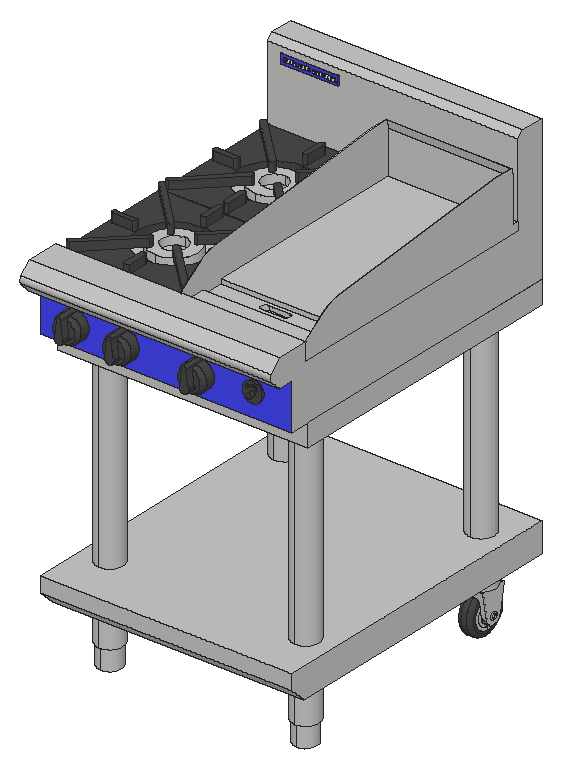
Revit family "QF_MOFFAT_BLUESEAL_CE_G514C-LS", category Specialty Equipment, Revit 2012
Parameters
  Weight in Pounds = 176  # constant formula
  URL Cutsheet = "www.moffat.com"
  URL = "www.moffat.com"
  Type Mark [instance] = ""
  Status [instance] = ""
  Specification by User [instance] = ""
  Specification by Manufacturer = ""
  Show Logo [instance] = yes
  Show Casters [instance] = yes
  Serial Number = ""
  Seismic Rating = ""
  SMACNA No = ""
  Revision Code [instance] = ""
  Omniclass Number and Title = ""
  NAFEM Spec ID Number = ""
  Model = "G514C-LS"
  Mechanical Remarks = ""
  Mechanical Connection Type = ""
  Masterspec = ""
  Manufacturer = "MOFFAT BLUESEAL"
  Legs [instance] = not(Show Casters)  # no
  Item Number [instance] = ""
  Installed By [instance] = ""
  Identify Quantity as Lot [instance] = yes
  Gas Size = 3/4"
  Gas RI Height = 0 mm
  Gas KW = 20
  Gas Input = 68600.0 Btu/h
  Gas Connection Height = 0 mm
  Furnished By [instance] = ""
  Foodservice Equipment Identifier [instance] = yes
  Description = "600MM GAS GRIDDLE PLATE ON LEG STAND"
  CSI MasterFormat = ""
  CSI Master Format = ""
  Base Height [instance] = 150 mm
Reference planes
  plane 1 "BACK": y = 0
  plane 2: z = 0
  plane 3 "LEFT": x = 0
  plane 4 "RIGHT": x = 600
  plane 5 "FRONT": y = -812
  plane 6 "TOP": z = 970
  plane 7 "Center Y": x = 300
  plane 8 "Center X": y = -406
  plane 9 "Base Height": z = 150
  plane 10: z = 915
  plane 11: y = -31
  plane 12: x = 470
  plane 13: z = 1085
  plane 14: y = -625
  plane 15: y = -100
  plane 16: z = 655
Forms (mm)
  Extrusion 1, solid, material "QF_Finishes_Stainless Steel"
    sketch origin (0, 0, 0) x (0, 1, 0) y (0, 0, 1)
      loop
        line (-749, 850) -> (-749, 740) -> (0, 740) -> (0, 1085) -> (-57.5, 1085) -> (-70, 1072.5) -> (-70, 875) -> (-705, 875) -> (-705, 915) -> (-783.97, 915) -> (-808.485, 890.485)
        arc (-808.485, 890.485) -> (-811.999, 882) -> (-808.485, 873.515) r 12
        line (-808.485, 873.515) -> (-784.97, 850) -> (-749, 850)
      loop
        line (0, 685) -> (0, 739.5) -> (-699, 739.5) -> (-699, 685) -> (0, 685)
      loop
        line (0, 222.5) -> (-749, 222.5) -> (-749, 186) -> (-713, 150) -> (0, 150) -> (0, 222.5)
    from 0 to 600
  Revolve 2, solid, material "QF_Finishes_Black"
    sketch origin (90, 7, 600) x (0, 1, 0) y (0, 0, -1)
      loop
        line (-789, -229.5) -> (-766, -229.5) -> (-766, -202) -> (-756, -202) -> (-756, -197) -> (-800, -197) -> (-800, -223.651) -> (-789, -229.5)
      axis (-800, -197) -> (-756, -197)
    angle from 0 to 360
  Extrusion 3, solid, material "QF_Finishes_Black"
    sketch origin (90, -759, 797) x (0, 0, 1) y (1, 0, 0)
      loop
        arc (32.192, -4.965) -> (37.079, 0.034) -> (32.192, 5.033) r 5
        line (32.192, 5.033) -> (-10.726, 10.453)
        arc (-10.726, 10.453) -> (-22.392, 0.618) -> (-11.893, -10.454) r 10.487
        line (-11.893, -10.454) -> (32.192, -4.965)
    from 0 to -49
  Extrusion 4, solid, material "QF_Finishes_Stainless Steel"
    sketch origin (0, 0, 222.5) x (0, -1, 0) y (1, 0, 0)
      loop
        circle (100, 65) r 31.75
      loop
        circle (625, 65) r 31.75
      loop
        circle (100, 535) r 31.75
      loop
        circle (625, 535) r 31.75
    from 0 to 462.5
  Revolve 5, solid, material "QF_Finishes_Stainless Steel", visible <- "Legs"
    sketch origin (65.5, -166, 0) x (0, 1, 0) y (0, 0, 1)
      loop
        line (34.25, 150) -> (34.25, 50) -> (38.5, 50) -> (38.5, 0) -> (66, 0) -> (66, 150) -> (34.25, 150)
      axis (66, 150) -> (66, 0)
    angle from 0 to 360
  Revolve 6, solid, material "QF_Finishes_Stainless Steel"
    sketch origin (65.5, -735, 0) x (0, 1, 0) y (0, 0, 1)
      loop
        line (78.25, 150) -> (78.25, 50) -> (82.5, 50) -> (82.5, 0) -> (110, 0) -> (110, 150) -> (78.25, 150)
      axis (110, 150) -> (110, 0)
    angle from 0 to 360
  Revolve 7, solid, material "QF_Finishes_Stainless Steel", visible <- "Legs"
    sketch origin (534.5, -166, 0) x (0, 1, 0) y (0, 0, -1)
      loop
        line (34.25, -150) -> (66, -150) -> (66, 0) -> (38.5, 0) -> (38.5, -50) -> (34.25, -50) -> (34.25, -150)
      axis (66, -150) -> (66, 0)
    angle from 0 to 360
  Revolve 8, solid, material "QF_Finishes_Stainless Steel"
    sketch origin (534.5, -728, 0) x (0, 1, 0) y (0, 0, -1)
      loop
        line (71.25, -150) -> (103, -150) -> (103, 0) -> (75.5, 0) -> (75.5, -50) -> (71.25, -50) -> (71.25, -150)
      axis (103, -150) -> (103, 0)
    angle from 0 to 360
  Revolve 9, solid, material "QF_Finishes_Black"
    sketch origin (390, 7, 600) x (0, 1, 0) y (0, 0, -1)
      loop
        line (-789, -229.5) -> (-766, -229.5) -> (-766, -202) -> (-756, -202) -> (-756, -197) -> (-800, -197) -> (-800, -223.651) -> (-789, -229.5)
      axis (-800, -197) -> (-756, -197)
    angle from 0 to 360
  Extrusion 10, solid, material "QF_Finishes_Black"
    sketch origin (390, -759, 797) x (0, 0, 1) y (1, 0, 0)
      loop
        arc (32.192, -4.965) -> (37.079, 0.034) -> (32.192, 5.033) r 5
        line (32.192, 5.033) -> (-10.726, 10.453)
        arc (-10.726, 10.453) -> (-22.392, 0.618) -> (-11.893, -10.454) r 10.487
        line (-11.893, -10.454) -> (32.192, -4.965)
    from 0 to -49
  Extrusion 11, solid, material "QF_Finishes_Black"
    sketch origin (0, -749, 850) x (0, 0, -1) y (1, 0, 0)
      loop
        circle (53, 510) r 23.9
      loop
        arc (41.701, 524.079) -> (35.116, 509.341) -> (42.919, 495.209) r 18.095
        arc (42.919, 495.209) -> (47.641, 496.491) -> (46.326, 501.204) r 3.448
        arc (46.326, 501.204) -> (42.758, 509.683) -> (45.641, 518.419) r 13.109
        arc (45.641, 518.419) -> (46.501, 523.219) -> (41.701, 524.079) r 3.448
    from 0 to 5
  Revolve 12, solid, material "QF_Finishes_Stainless Steel", visible <- "Show Casters"
    sketch origin (16.276, -100.755, -13.653) x (1, 0, 0) y (0, 0, 1)
      loop
        line (14.841, 63.604) -> (83.584, 63.604) -> (83.584, 67.109) -> (82.314, 68.379) -> (80.79, 68.379) -> (80.79, 71.826) -> (68.644, 71.826) -> (68.644, 81.79) -> (65.088, 83.843) -> (63.738, 92.179) -> (65.881, 92.179) -> (65.881, 98.529) -> (65.088, 98.529) -> (65.088, 104.879)
        arc (65.088, 104.879) -> (62.298, 111.614) -> (55.563, 114.404) r 9.525
        line (55.563, 114.404) -> (42.863, 114.404)
        arc (42.863, 114.404) -> (36.127, 111.614) -> (33.338, 104.879) r 9.525
        line (33.338, 104.879) -> (33.338, 98.529) -> (32.544, 98.529) -> (32.544, 92.179) -> (34.687, 92.179) -> (33.352, 83.932) -> (29.782, 81.871) -> (29.782, 71.826) -> (17.635, 71.826) -> (17.635, 68.379) -> (16.111, 68.379) -> (14.841, 67.109) -> (14.841, 63.604)
      axis (14.841, 63.604) -> (83.584, 63.604)
    angle from 0 to 360
  Extrusion 13, solid, material "QF_Finishes_Stainless Steel", visible <- "Show Casters"
    sketch origin (72.001, 132.353, -8.783) x (0, 1, 0) y (0, 0, 1)
      loop
        line (-200.603, 118.783) -> (-264.103, 118.783) -> (-251.746, 53.895)
        arc (-251.746, 53.895) -> (-232.353, 38.783) -> (-212.959, 53.895) r 20
        line (-212.959, 53.895) -> (-200.603, 118.783)
    from -35.667 to 22.923
  Revolve 14, solid, material "QF_Finishes_Stainless Steel", visible <- "Show Casters"
    sketch origin (65.5, -204, 0) x (0, 1, 0) y (0, 0, 1)
      loop
        line (68.25, 150) -> (68.25, 110) -> (104, 110) -> (104, 150) -> (68.25, 150)
      axis (104, 150) -> (104, 110)
    angle from 0 to 360
  Revolve 15, solid, material "QF_Finishes_Stainless Steel", visible <- "Legs"
    sketch origin (65.5, -166, 0) x (0, 1, 0) y (0, 0, 1)
      loop
        line (34.25, 150) -> (34.25, 50) -> (38.5, 50) -> (38.5, 0) -> (66, 0) -> (66, 150) -> (34.25, 150)
      axis (66, 150) -> (66, 0)
    angle from 0 to 360
  Revolve 16, solid, material "QF_Finishes_Stainless Steel", visible <- "Show Casters"
    sketch origin (485.276, -100.755, -13.653) x (1, 0, 0) y (0, 0, 1)
      loop
        line (14.841, 63.604) -> (83.584, 63.604) -> (83.584, 67.109) -> (82.314, 68.379) -> (80.79, 68.379) -> (80.79, 71.826) -> (68.644, 71.826) -> (68.644, 81.79) -> (65.088, 83.843) -> (63.738, 92.179) -> (65.881, 92.179) -> (65.881, 98.529) -> (65.088, 98.529) -> (65.088, 104.879)
        arc (65.088, 104.879) -> (62.298, 111.614) -> (55.563, 114.404) r 9.525
        line (55.563, 114.404) -> (42.863, 114.404)
        arc (42.863, 114.404) -> (36.127, 111.614) -> (33.338, 104.879) r 9.525
        line (33.338, 104.879) -> (33.338, 98.529) -> (32.544, 98.529) -> (32.544, 92.179) -> (34.687, 92.179) -> (33.352, 83.932) -> (29.782, 81.871) -> (29.782, 71.826) -> (17.635, 71.826) -> (17.635, 68.379) -> (16.111, 68.379) -> (14.841, 67.109) -> (14.841, 63.604)
      axis (14.841, 63.604) -> (83.584, 63.604)
    angle from 0 to 360
  Extrusion 17, solid, material "QF_Finishes_Stainless Steel", visible <- "Show Casters"
    sketch origin (541.001, 132.353, -8.783) x (0, 1, 0) y (0, 0, 1)
      loop
        line (-200.603, 118.783) -> (-264.103, 118.783) -> (-251.746, 53.895)
        arc (-251.746, 53.895) -> (-232.353, 38.783) -> (-212.959, 53.895) r 20
        line (-212.959, 53.895) -> (-200.603, 118.783)
    from -35.667 to 22.923
  Revolve 18, solid, material "QF_Finishes_Stainless Steel", visible <- "Show Casters"
    sketch origin (534.5, -204, 0) x (0, 1, 0) y (0, 0, 1)
      loop
        line (68.25, 150) -> (68.25, 110) -> (104, 110) -> (104, 150) -> (68.25, 150)
      axis (104, 150) -> (104, 110)
    angle from 0 to 360
  Extrusion 19, solid, material "QF_Finishes_Black"
    sketch origin (0, -754, 850) x (0, 0, -1) y (1, 0, 0)
      loop
        circle (56.5, 510) r 5.75
    from 0 to 10
  Revolve 20, solid, material "QF_Finishes_Black"
    sketch origin (210, 7, 599.5) x (0, 1, 0) y (0, 0, -1)
      loop
        line (-789, -229.5) -> (-766, -229.5) -> (-766, -202) -> (-756, -202) -> (-756, -197) -> (-800, -197) -> (-800, -223.651) -> (-789, -229.5)
      axis (-800, -197) -> (-756, -197)
    angle from 0 to 360
  Extrusion 21, solid, material "QF_Finishes_Black"
    sketch origin (210, -759, 796.5) x (0, 0, 1) y (1, 0, 0)
      loop
        arc (32.192, -4.965) -> (37.079, 0.034) -> (32.192, 5.033) r 5
        line (32.192, 5.033) -> (-10.726, 10.453)
        arc (-10.726, 10.453) -> (-22.392, 0.618) -> (-11.893, -10.454) r 10.487
        line (-11.893, -10.454) -> (32.192, -4.965)
    from 0 to -49
  Extrusion 22, solid, material "QF_Finishes_Stainless Steel"
    sketch origin (0, 0, 685) x (-1, 0, 0) y (0, 1, 0)
      loop
        circle (-470, -32) r 6.35
    from 0 to 30
Lines and regions (mm)
  Split face 1
    outline origin (0, -56.5, 1085) x (0, 1, 0) y (-1, 0, 0)
      loop
        arc (11.115, -264.794) -> (16.115, -273.455) -> (26.115, -273.455) r 10
        line (26.115, -273.455) -> (33.115, -269.413)
        arc (33.115, -269.413) -> (36.775, -265.753) -> (38.115, -260.753) r 10
        line (38.115, -260.753) -> (38.115, -32.794)
        arc (38.115, -32.794) -> (33.115, -24.134) -> (23.115, -24.134) r 10
        line (23.115, -24.134) -> (16.115, -28.176)
        arc (16.115, -28.176) -> (12.455, -31.836) -> (11.115, -36.836) r 10
        line (11.115, -36.836) -> (11.115, -264.794)
  Split face 2
    outline origin (0, -56.5, 1085) x (0, 1, 0) y (-1, 0, 0)
      loop
        arc (11.115, -564.794) -> (16.115, -573.455) -> (26.115, -573.455) r 10
        line (26.115, -573.455) -> (33.115, -569.413)
        arc (33.115, -569.413) -> (36.775, -565.753) -> (38.115, -560.753) r 10
        line (38.115, -560.753) -> (38.115, -332.794)
        arc (38.115, -332.794) -> (33.115, -324.134) -> (23.115, -324.134) r 10
        line (23.115, -324.134) -> (16.115, -328.176)
        arc (16.115, -328.176) -> (12.455, -331.836) -> (11.115, -336.836) r 10
        line (11.115, -336.836) -> (11.115, -564.794)
  symbolic lines, style "SpecialityEquipmentHiddenLines", visible <- "Show Casters"
    curve 1: line (78.456, -46.735, 0) -> (105.952, -62.61, 0)
    curve 2: line (27.656, -134.723, 0) -> (78.456, -46.735, 0)
    curve 3: line (55.152, -150.598, 0) -> (27.656, -134.723, 0)
    curve 4: line (105.952, -62.61, 0) -> (55.152, -150.598, 0)
    curve 5: line (548.456, -46.735, 0) -> (575.952, -62.61, 0)
    curve 6: line (497.656, -134.723, 0) -> (548.456, -46.735, 0)
    curve 7: line (525.152, -150.598, 0) -> (497.656, -134.723, 0)
    curve 8: line (575.952, -62.61, 0) -> (525.152, -150.598, 0)
  symbolic lines
    curve 9: line (260.753, -18.385, 0) -> (32.794, -18.385, 0)
    curve 10: arc (32.794, -18.385, 0) -> (24.134, -23.385, 0) -> (24.134, -33.385, 0) r 10
    curve 11: line (24.134, -33.385, 0) -> (28.176, -40.385, 0)
    curve 12: arc (28.176, -40.385, 0) -> (31.836, -44.045, 0) -> (36.836, -45.385, 0) r 10
    curve 13: line (36.836, -45.385, 0) -> (264.794, -45.385, 0)
    curve 14: arc (264.794, -45.385, 0) -> (273.455, -40.385, 0) -> (273.455, -30.385, 0) r 10
    curve 15: line (273.455, -30.385, 0) -> (269.413, -23.385, 0)
    curve 16: arc (269.413, -23.385, 0) -> (265.753, -19.725, 0) -> (260.753, -18.385, 0) r 10
    curve 17: line (332.794, -18.385, 0) -> (560.753, -18.385, 0)
    curve 18: arc (560.753, -18.385, 0) -> (565.753, -19.725, 0) -> (569.413, -23.385, 0) r 10
    curve 19: line (569.413, -23.385, 0) -> (573.455, -30.385, 0)
    curve 20: arc (573.455, -30.385, 0) -> (573.455, -40.385, 0) -> (564.794, -45.385, 0) r 10
    curve 21: line (564.794, -45.385, 0) -> (336.836, -45.385, 0)
    curve 22: arc (336.836, -45.385, 0) -> (331.836, -44.045, 0) -> (328.176, -40.385, 0) r 10
    curve 23: line (328.176, -40.385, 0) -> (324.134, -33.385, 0)
    curve 24: arc (324.134, -33.385, 0) -> (324.134, -23.385, 0) -> (332.794, -18.385, 0) r 10
    curve 25: line (0, -783.97, 0) -> (600, -783.97, 0)
    curve 26: line (0, 0, 0) -> (0, -811.999, 0)
    curve 27: line (600, -811.999, 0) -> (600, 0, 0)
    curve 28: line (600, -811.999, 0) -> (0, -811.999, 0)
    curve 29: line (0, -70, 0) -> (600, -70, 0)
    curve 30: line (0, -57.5, 0) -> (600, -57.5, 0)
    curve 31: line (600, 0, 0) -> (0, 0, 0)
Dimensions and locks
  equal spacing: plane 3 "LEFT", plane 7 "Center Y", plane 4 "RIGHT"
  plane 3 "LEFT" to plane 4 "RIGHT" = 600 mm
  equal spacing: plane 5 "FRONT", plane 8 "Center X", plane 1 "BACK"
  plane 5 "FRONT" to plane 1 "BACK" = 812 mm  (x2)
  equal spacing: plane 4 "RIGHT", plane 7 "Center Y", plane 3 "LEFT"
  plane 4 "RIGHT" to plane 3 "LEFT" = 600 mm
  "Base Height": plane 9 "Base Height" to level
  plane 6 "TOP" to level = 970 mm
  plane 10 to level = 915 mm
  plane 11 to plane 1 "BACK" = 31 mm
  plane 12 to plane 4 "RIGHT" = 130 mm
  plane 13 to plane 2 = 1085 mm
  Revolve 12 sketch curve to Revolve 12 sketch curve = 50.8 mm
  Revolve 16 sketch curve to Revolve 16 sketch curve = 50.8 mm
  plane 16 to plane 2 = 655 mm
  Extrusion 22 sketch curve to plane 1 "BACK" = 32 mm
  aligned and locked: level to plane 2
Automatic sketch dimensions
  plane 1 "BACK" to curve 31 = 0 mm
  curve 31 to plane 3 "LEFT" = 0 mm
  curve 27 to plane 4 "RIGHT" = 0 mm
  plane 3 "LEFT" to curve 3 = 27.656 mm
  curve 10 to plane 11 = 2.385 mm
  plane 3 "LEFT" to curve 10 = 24.134 mm
  curve 11 to curve 12 = 4.041 mm
  curve 10 to curve 9 = 8.66 mm
  curve 12 to plane 11 = 4.385 mm
  curve 10 to curve 12 = 4.041 mm
  curve 2 to curve 3 = 27.496 mm
  curve 2 to plane 11 = 15.735 mm
  curve 12 to curve 2 = 41.62 mm
  plane 11 to curve 9 = 12.615 mm
  curve 9 to plane 7 "Center Y" = 39.247 mm
  curve 14 to plane 11 = 4.385 mm
  curve 16 to curve 14 = 4.041 mm
  plane 11 to curve 15 = 7.615 mm
  curve 16 to curve 15 = 8.66 mm
  plane 11 to curve 14 = 0.615 mm
  curve 15 to curve 14 = 4.041 mm
  curve 24 to plane 11 = 2.385 mm
  plane 7 "Center Y" to curve 24 = 24.134 mm
  curve 23 to plane 11 = 9.385 mm
  curve 23 to curve 23 = 4.041 mm
  plane 11 to curve 17 = 12.615 mm
  curve 24 to curve 17 = 8.66 mm
  curve 23 to curve 22 = 8.66 mm
  plane 12 to curve 7 = 27.656 mm
  curve 6 to curve 8 = 27.496 mm
  curve 6 to plane 11 = 15.735 mm
  plane 4 "RIGHT" to curve 6 = 51.544 mm
  curve 5 to curve 18 = 12.297 mm
  curve 5 to curve 21 = 16.339 mm
  plane 11 to curve 19 = 7.615 mm
  curve 17 to curve 19 = 8.66 mm
  plane 11 to curve 20 = 0.615 mm
  curve 18 to curve 20 = 4.041 mm
  curve 30 to plane 11 = 26.5 mm
  curve 4 to curve 1 = 15.875 mm
  curve 5 to curve 30 = 5.11 mm
  curve 29 to curve 30 = 12.5 mm
  curve 25 to plane 5 "FRONT" = 28.03 mm
  curve 28 to plane 5 "FRONT" = 0.001 mm
  curve 22 to curve 23 = 5 mm
  plane 10 to Extrusion 1 sketch curve = 0 mm
  Extrusion 1 sketch curve to plane 9 "Base Height" = 0 mm
  plane 13 to Extrusion 1 sketch curve = 0 mm
  Extrusion 1 sketch curve to plane 1 "BACK" = 0 mm  (x3)
  Extrusion 1 sketch curve to plane 11 = 26.5 mm
  plane 13 to Extrusion 1 sketch curve = 12.5 mm
  Extrusion 1 sketch curve to Extrusion 1 sketch curve = 12.5 mm
  plane 14 to Extrusion 1 sketch curve = 74 mm
  plane 14 to Extrusion 1 sketch curve = 80 mm
  plane 14 to Extrusion 1 sketch curve = 88 mm
  Extrusion 1 sketch curve to Extrusion 1 sketch curve = 44 mm
  Extrusion 1 sketch curve to Extrusion 1 sketch curve = 36 mm
  Extrusion 1 sketch curve to plane 5 "FRONT" = 28.03 mm
  Extrusion 1 sketch curve to plane 5 "FRONT" = 27.03 mm
  Extrusion 1 sketch curve to plane 5 "FRONT" = 12.001 mm
  Extrusion 1 sketch curve to plane 5 "FRONT" = 3.515 mm  (x2)
  plane 9 "Base Height" to Extrusion 1 sketch curve = 36 mm
  plane 9 "Base Height" to Extrusion 1 sketch curve = 72.5 mm
  Extrusion 1 sketch curve to Extrusion 1 sketch curve = 0.5 mm
  plane 10 to Extrusion 1 sketch curve = 65 mm
  Extrusion 1 sketch curve to Extrusion 1 sketch curve = 23.515 mm
  plane 10 to Extrusion 1 sketch curve = 40 mm
  Extrusion 1 sketch curve to Extrusion 1 sketch curve = 8.485 mm
  Revolve 2 sketch curve to plane 5 "FRONT" = 19 mm
  Revolve 2 sketch curve to Revolve 2 sketch curve = 0 mm  (x2)
  Revolve 2 sketch curve to Revolve 2 sketch curve = 11 mm
  Revolve 2 sketch curve to Revolve 2 sketch curve = 12.7 mm
  Revolve 2 sketch curve to Revolve 2 sketch curve = 23 mm
  Revolve 2 sketch curve to Revolve 2 sketch curve = 10 mm
  plane 10 to Revolve 2 sketch curve = 85.5 mm
  Revolve 2 sketch curve to Revolve 2 sketch curve = 5.849 mm
  Revolve 2 sketch curve to Revolve 2 sketch curve = 27.5 mm
  Revolve 2 sketch curve to Revolve 2 sketch curve = 5 mm
  Extrusion 3 sketch curve to Revolve 2 = 0.034 mm  (x2)
  Revolve 2 to Extrusion 3 sketch curve = 10.454 mm
  Extrusion 3 sketch curve to Extrusion 3 sketch curve = 0.028 mm
  Extrusion 3 sketch curve to Revolve 2 = 10.453 mm
  Extrusion 3 sketch curve to Extrusion 3 sketch curve = 44 mm
  Extrusion 3 sketch curve to Revolve 2 = 5.033 mm
  Extrusion 3 sketch curve to Extrusion 3 sketch curve = 0.113 mm
  Revolve 2 to Extrusion 3 sketch curve = 4.965 mm
  Extrusion 4 sketch curve to Extrusion 4 sketch curve = 0 mm  (x8)
  Extrusion 1 to Extrusion 4 sketch curve = 68.25 mm  (x2)
  Extrusion 4 sketch curve to Extrusion 4 sketch curve = 31.75 mm  (x4)
  Extrusion 4 sketch curve to Extrusion 1 = 155.75 mm  (x2)
  Extrusion 1 to Extrusion 4 sketch curve = 65 mm  (x4)
  Revolve 5 sketch curve to plane 9 "Base Height" = 0 mm
  Revolve 5 sketch curve to level = 0 mm
  Revolve 5 sketch curve to plane 15 = 0 mm  (x2)
  Revolve 5 sketch curve to Revolve 5 sketch curve = 27.5 mm
  Revolve 5 sketch curve to Revolve 5 sketch curve = 31.75 mm
  Revolve 5 sketch curve to Revolve 5 sketch curve = 55 mm
  level to Revolve 5 sketch curve = 50 mm
  Revolve 5 sketch curve to Revolve 5 sketch curve = 0 mm
  Revolve 6 sketch curve to plane 9 "Base Height" = 0 mm
  Revolve 6 sketch curve to level = 0 mm
  Revolve 6 sketch curve to plane 14 = 0 mm  (x2)
  Revolve 6 sketch curve to Revolve 6 sketch curve = 27.5 mm
  Revolve 6 sketch curve to Revolve 6 sketch curve = 31.75 mm
  Revolve 6 sketch curve to Revolve 6 sketch curve = 55 mm
  level to Revolve 6 sketch curve = 50 mm
  Revolve 6 sketch curve to Revolve 6 sketch curve = 0 mm
  Revolve 7 sketch curve to plane 9 "Base Height" = 0 mm
  Revolve 7 sketch curve to level = 0 mm
  Revolve 7 sketch curve to plane 15 = 0 mm  (x2)
  plane 15 to Revolve 7 sketch curve = 27.5 mm
  plane 15 to Revolve 7 sketch curve = 31.75 mm
  level to Revolve 7 sketch curve = 50 mm
  Revolve 7 sketch curve to Revolve 7 sketch curve = 0 mm
  Revolve 7 sketch curve to Revolve 7 sketch curve = 55 mm
  Revolve 8 sketch curve to plane 9 "Base Height" = 0 mm
  Revolve 8 sketch curve to level = 0 mm
  Revolve 8 sketch curve to plane 14 = 0 mm  (x2)
  plane 14 to Revolve 8 sketch curve = 27.5 mm
  plane 14 to Revolve 8 sketch curve = 31.75 mm
  level to Revolve 8 sketch curve = 50 mm
  Revolve 8 sketch curve to Revolve 8 sketch curve = 0 mm
  Revolve 8 sketch curve to Revolve 8 sketch curve = 55 mm
  Revolve 9 sketch curve to plane 5 "FRONT" = 19 mm
  Revolve 9 sketch curve to Revolve 9 sketch curve = 0 mm  (x2)
  Revolve 9 sketch curve to Revolve 9 sketch curve = 11 mm
  Revolve 9 sketch curve to Revolve 9 sketch curve = 12.7 mm
  Revolve 9 sketch curve to Revolve 9 sketch curve = 23 mm
  Revolve 9 sketch curve to Revolve 9 sketch curve = 10 mm
  plane 10 to Revolve 9 sketch curve = 85.5 mm
  Revolve 9 sketch curve to Revolve 9 sketch curve = 5.849 mm
  Revolve 9 sketch curve to Revolve 9 sketch curve = 27.5 mm
  Revolve 9 sketch curve to Revolve 9 sketch curve = 5 mm
  Extrusion 10 sketch curve to Revolve 9 = 0.034 mm  (x2)
  Revolve 9 to Extrusion 10 sketch curve = 10.454 mm
  Extrusion 10 sketch curve to Extrusion 10 sketch curve = 0.028 mm
  Extrusion 10 sketch curve to Revolve 9 = 10.453 mm
  Extrusion 10 sketch curve to Extrusion 10 sketch curve = 44 mm
  Extrusion 10 sketch curve to Revolve 9 = 5.033 mm
  Extrusion 10 sketch curve to Extrusion 10 sketch curve = 0.113 mm
  Revolve 9 to Extrusion 10 sketch curve = 4.965 mm
  Extrusion 11 sketch curve to Extrusion 1 = 41.701 mm
  Extrusion 11 sketch curve to Extrusion 11 sketch curve = 1.218 mm
  Extrusion 11 sketch curve to Extrusion 11 sketch curve = 1.97 mm  (x2)
  Extrusion 11 sketch curve to Extrusion 11 sketch curve = 1.724 mm
  Extrusion 11 sketch curve to Extrusion 11 sketch curve = 1.683 mm
  Extrusion 11 sketch curve to Extrusion 11 sketch curve = 6.674 mm
  Extrusion 11 sketch curve to Extrusion 11 sketch curve = 0.195 mm
  Extrusion 11 sketch curve to Extrusion 11 sketch curve = 2.662 mm
  Extrusion 1 to Extrusion 11 sketch curve = 104.791 mm
  Extrusion 11 sketch curve to Extrusion 11 sketch curve = 2.986 mm
  Extrusion 11 sketch curve to Extrusion 11 sketch curve = 8.796 mm
  Extrusion 11 sketch curve to Extrusion 11 sketch curve = 0.103 mm
  Extrusion 11 sketch curve to Extrusion 11 sketch curve = 0.102 mm
  plane 3 "LEFT" to Revolve 12 sketch curve = 31.118 mm
  Revolve 12 sketch curve to Revolve 12 sketch curve = 1.27 mm  (x4)
  Revolve 12 sketch curve to Revolve 12 sketch curve = 1.524 mm  (x2)
  Revolve 12 sketch curve to Revolve 12 sketch curve = 12.146 mm  (x2)
  Revolve 12 sketch curve to Revolve 12 sketch curve = 2.762 mm
  Revolve 12 sketch curve to Revolve 12 sketch curve = 0.794 mm  (x2)
  Revolve 12 sketch curve to Revolve 12 sketch curve = 3.57 mm
  Revolve 12 sketch curve to Revolve 12 sketch curve = 2.143 mm
  Revolve 12 sketch curve to Revolve 12 sketch curve = 9.525 mm
  Revolve 12 sketch curve to Revolve 12 sketch curve = 24.572 mm
  Revolve 12 sketch curve to Revolve 12 sketch curve = 12.7 mm
  Revolve 12 sketch curve to Revolve 12 sketch curve = 8.176 mm
  Revolve 12 sketch curve to Revolve 12 sketch curve = 1.349 mm  (x2)
  Revolve 12 sketch curve to Revolve 12 sketch curve = 3.556 mm
  Revolve 12 sketch curve to Revolve 12 sketch curve = 33.32 mm
  level to Revolve 12 sketch curve = 49.952 mm
  Revolve 12 sketch curve to Revolve 12 sketch curve = 0 mm
  Revolve 12 sketch curve to Revolve 12 sketch curve = 3.505 mm  (x2)
  Revolve 12 sketch curve to Revolve 12 sketch curve = 3.447 mm  (x2)
  Revolve 12 sketch curve to Revolve 12 sketch curve = 9.964 mm
  Revolve 12 sketch curve to Revolve 12 sketch curve = 10.045 mm
  Revolve 12 sketch curve to Revolve 12 sketch curve = 2.053 mm
  Revolve 12 sketch curve to Revolve 12 sketch curve = 2.061 mm
  Revolve 12 sketch curve to Revolve 12 sketch curve = 8.247 mm
  Revolve 12 sketch curve to Revolve 12 sketch curve = 8.336 mm
  Revolve 12 sketch curve to Revolve 12 sketch curve = 6.35 mm  (x2)
  Extrusion 13 sketch curve to plane 15 = 0 mm
  plane 15 to Extrusion 13 sketch curve = 19.393 mm
  plane 15 to Extrusion 13 sketch curve = 31.75 mm
  Extrusion 13 sketch curve to plane 15 = 19.393 mm
  Extrusion 13 sketch curve to plane 15 = 31.75 mm
  level to Extrusion 13 sketch curve = 45.111 mm
  Extrusion 13 sketch curve to Extrusion 13 sketch curve = 4.889 mm
  Extrusion 13 sketch curve to plane 9 "Base Height" = 40 mm
  Revolve 14 sketch curve to plane 9 "Base Height" = 0 mm
  Revolve 14 sketch curve to plane 15 = 0 mm  (x2)
  plane 15 to Revolve 14 sketch curve = 35.75 mm
  Revolve 14 sketch curve to Revolve 14 sketch curve = 40 mm
  level to Revolve 14 sketch curve = 50 mm
  Revolve 14 sketch curve to level = 55 mm
  Revolve 15 sketch curve to plane 9 "Base Height" = 0 mm
  Revolve 15 sketch curve to level = 0 mm
  Revolve 15 sketch curve to plane 15 = 0 mm  (x2)
  Revolve 15 sketch curve to Revolve 15 sketch curve = 27.5 mm
  Revolve 15 sketch curve to Revolve 15 sketch curve = 31.75 mm
  Revolve 15 sketch curve to Revolve 15 sketch curve = 55 mm
  level to Revolve 15 sketch curve = 50 mm
  Revolve 15 sketch curve to Revolve 15 sketch curve = 0 mm
  plane 12 to Revolve 16 sketch curve = 30.118 mm
  Revolve 16 sketch curve to Revolve 16 sketch curve = 1.27 mm  (x4)
  Revolve 16 sketch curve to Revolve 16 sketch curve = 1.524 mm  (x2)
  Revolve 16 sketch curve to Revolve 16 sketch curve = 12.146 mm  (x2)
  Revolve 16 sketch curve to Revolve 16 sketch curve = 2.762 mm
  Revolve 16 sketch curve to Revolve 16 sketch curve = 0.794 mm  (x2)
  Revolve 16 sketch curve to Revolve 16 sketch curve = 3.57 mm
  Revolve 16 sketch curve to Revolve 16 sketch curve = 2.143 mm
  Revolve 16 sketch curve to Revolve 16 sketch curve = 9.525 mm
  Revolve 16 sketch curve to Revolve 16 sketch curve = 24.572 mm
  Revolve 16 sketch curve to Revolve 16 sketch curve = 12.7 mm
  Revolve 16 sketch curve to Revolve 16 sketch curve = 8.176 mm
  Revolve 16 sketch curve to Revolve 16 sketch curve = 1.349 mm  (x2)
  Revolve 16 sketch curve to Revolve 16 sketch curve = 3.556 mm
  Revolve 16 sketch curve to plane 4 "RIGHT" = 2.18 mm
  level to Revolve 16 sketch curve = 49.952 mm
  Revolve 16 sketch curve to Revolve 16 sketch curve = 0 mm
  Revolve 16 sketch curve to Revolve 16 sketch curve = 3.505 mm  (x2)
  Revolve 16 sketch curve to Revolve 16 sketch curve = 3.447 mm  (x2)
  Revolve 16 sketch curve to Revolve 16 sketch curve = 9.964 mm
  Revolve 16 sketch curve to Revolve 16 sketch curve = 10.045 mm
  Revolve 16 sketch curve to Revolve 16 sketch curve = 2.053 mm
  Revolve 16 sketch curve to Revolve 16 sketch curve = 2.061 mm
  Revolve 16 sketch curve to Revolve 16 sketch curve = 8.247 mm
  Revolve 16 sketch curve to Revolve 16 sketch curve = 8.336 mm
  Revolve 16 sketch curve to Revolve 16 sketch curve = 6.35 mm  (x2)
  Extrusion 17 sketch curve to plane 15 = 0 mm
  plane 15 to Extrusion 17 sketch curve = 19.393 mm
  plane 15 to Extrusion 17 sketch curve = 31.75 mm
  Extrusion 17 sketch curve to plane 15 = 19.393 mm
  Extrusion 17 sketch curve to plane 15 = 31.75 mm
  level to Extrusion 17 sketch curve = 45.111 mm
  Extrusion 17 sketch curve to Extrusion 17 sketch curve = 4.889 mm
  Extrusion 17 sketch curve to plane 9 "Base Height" = 40 mm
  Revolve 18 sketch curve to plane 9 "Base Height" = 0 mm
  Revolve 18 sketch curve to plane 15 = 0 mm  (x2)
  Revolve 18 sketch curve to Revolve 18 sketch curve = 35.75 mm
  Revolve 18 sketch curve to Revolve 18 sketch curve = 40 mm
  level to Revolve 18 sketch curve = 50 mm
  Revolve 18 sketch curve to level = 55 mm
  Revolve 20 sketch curve to plane 5 "FRONT" = 19 mm
  Revolve 20 sketch curve to Revolve 20 sketch curve = 0 mm  (x2)
  Revolve 20 sketch curve to Revolve 20 sketch curve = 11 mm
  Revolve 20 sketch curve to Revolve 20 sketch curve = 12.7 mm
  Revolve 20 sketch curve to Revolve 20 sketch curve = 23 mm
  Revolve 20 sketch curve to Revolve 20 sketch curve = 10 mm
  plane 10 to Revolve 20 sketch curve = 86 mm
  Revolve 20 sketch curve to Revolve 20 sketch curve = 5.849 mm
  Revolve 20 sketch curve to Revolve 20 sketch curve = 27.5 mm
  Revolve 20 sketch curve to Revolve 20 sketch curve = 5 mm
  Extrusion 21 sketch curve to Revolve 20 = 0.034 mm  (x2)
  Revolve 20 to Extrusion 21 sketch curve = 10.454 mm
  Extrusion 21 sketch curve to Extrusion 21 sketch curve = 0.028 mm
  Extrusion 21 sketch curve to Revolve 20 = 10.453 mm
  Extrusion 21 sketch curve to Extrusion 21 sketch curve = 44 mm
  Extrusion 21 sketch curve to Revolve 20 = 5.033 mm
  Extrusion 21 sketch curve to Extrusion 21 sketch curve = 0.113 mm
  Revolve 20 to Extrusion 21 sketch curve = 4.965 mm
  Extrusion 22 sketch curve to Extrusion 1 = 130 mm
  Extrusion 22 sketch curve to Extrusion 22 sketch curve = 6.35 mm
  Extrusion 1 sketch curve to Extrusion 1 sketch curve = 165 mm
  Extrusion 1 sketch curve to Extrusion 1 sketch curve = 54.5 mm
  Split face 1 sketch curve to Extrusion 1 = 12.115 mm
  Split face 1 sketch curve to Split face 1 sketch curve = 5 mm  (x3)
  Split face 1 sketch curve to Split face 1 sketch curve = 10 mm  (x2)
  Split face 1 sketch curve to Split face 1 sketch curve = 7 mm  (x4)
  Split face 1 sketch curve to Extrusion 1 = 273.455 mm
  Split face 1 sketch curve to Split face 1 sketch curve = 4.041 mm  (x2)
  Split face 1 sketch curve to Extrusion 1 = 36.836 mm
  Split face 2 sketch curve to Extrusion 1 = 12.115 mm
  Split face 2 sketch curve to Split face 2 sketch curve = 5 mm  (x3)
  Split face 2 sketch curve to Split face 2 sketch curve = 10 mm  (x2)
  Split face 2 sketch curve to Split face 2 sketch curve = 7 mm  (x4)
  Split face 2 sketch curve to Extrusion 1 = 26.545 mm
  Split face 2 sketch curve to Split face 2 sketch curve = 4.041 mm  (x2)
  Split face 2 sketch curve to Split face 2 sketch curve = 223.917 mm
  radius of Extrusion 11 sketch curve = 23.9 mm
  radius of Extrusion 19 sketch curve = 5.75 mm
Nested families
  nested 1: "WALDORF LOGO_FACE BASE" at (32, -70, 1057.475) x (1, 0, 0) z (0, -1, 0), visible <- "Show Logo", type "WALDORF LOGO_FACE BASE", detail levels medium+fine
    with Show Logo yes
  nested 2: "GAS BURNER & GRIDDLE 300" at (0, -70, 874.5), type "GAS BURNER & GRIDDLE 300"
    with Width 600 mm, Type Mark "", Status "", Specification by User "", Revision Code "", Item Number "", Installed By "", Identify Quantity as Lot yes, Furnished By "", Foodservice Equipment Identifier yes, Depth 635 mm
Connectors
  piping at (470, -32, 655)
    settings: on Extrusion 22, index 1, connector radius 0.37402", flow factor 0, pipe flow 0 GPM, pressure drop 0.00 psi, fitting loss kfactor 0, connector angle 0.00°, fixture units 0, engagement length 0 mm, flow configuration 1, flow direction 1, fitting loss method 0, system type 7, joint type 0, gender type 0, connector reference index -1, connector utility 0, adjustable connector no, is connector primary yes, fitting loss table "", connector description "GAS CONNECTION"
Definition of nested family "WALDORF LOGO_FACE BASE"
  Parameters (values of type "WALDORF LOGO_FACE BASE")
    Show Logo [instance] = yes
    Default Elevation = 1219.2 mm
  Reference planes
    plane 1 "Center (Front/Back)": y = 0
    plane 2: z = 0
    plane 3 "Center (Left/Right)": x = 0
  Forms (mm)
    Extrusion 1, solid
      sketch origin (0, 0, 0) x (1, 0, 0) y (0, 1, 0)
        loop
          line (-1219.2, 1219.2) -> (-1219.2, -1219.2) -> (1219.2, -1219.2) -> (1219.2, 1219.2) -> (-1219.2, 1219.2)
      from 0 to -304.8
    Extrusion 2, solid, material "QF_Finishes_Blue", visible <- "Show Logo"
      sketch origin (0, -33.217, 0) x (1, 0, 0) y (0, 1, 0)
        loop
          arc (138, 31.942) -> (137.626, 32.844) -> (136.724, 33.217) r 1.276
          line (136.724, 33.217) -> (1.29, 33.217)
          arc (1.29, 33.217) -> (0.378, 32.839) -> (0, 31.927) r 1.29
          line (0, 31.927) -> (0, 11.507)
          arc (0, 11.507) -> (0.378, 10.595) -> (1.29, 10.217) r 1.29
          line (1.29, 10.217) -> (136.71, 10.217)
          arc (136.71, 10.217) -> (137.622, 10.595) -> (138, 11.507) r 1.29
          line (138, 11.507) -> (138, 31.942)
      from 0 to 1.588
    Extrusion 3, solid, material "QF_Finishes_White", visible <- "Show Logo"
      sketch origin (0, -33.217, 1.588) x (1, 0, 0) y (0, 1, 0)
        loop
          arc (108.946, 25.919) -> (107.613, 25.367) -> (107.061, 24.034) r 1.885
          line (107.061, 24.034) -> (107.061, 17.211) -> (112.704, 17.211) -> (112.704, 19.129) -> (115.546, 19.129) -> (115.546, 17.211) -> (121.584, 17.211) -> (121.584, 24.075)
          arc (121.584, 24.075) -> (121.043, 25.379) -> (119.739, 25.919) r 1.845
          line (119.739, 25.919) -> (108.946, 25.919)
        loop
          line (123.478, 25.919) -> (123.478, 17.163) -> (134.904, 17.163) -> (134.904, 19.129) -> (129.246, 19.129) -> (129.246, 25.919) -> (123.478, 25.919)
        loop
          line (112.704, 21.258) -> (115.546, 21.258) -> (115.546, 22.702)
          arc (115.546, 22.702) -> (115.344, 23.188) -> (114.858, 23.389) r 0.687
          line (114.858, 23.389) -> (113.363, 23.389)
          arc (113.363, 23.389) -> (112.897, 23.196) -> (112.704, 22.73) r 0.658
          line (112.704, 22.73) -> (112.704, 21.258)
        loop
          line (105.071, 25.919) -> (93.771, 25.919) -> (93.771, 17.163) -> (105.071, 17.163) -> (105.071, 19.063) -> (99.535, 19.063) -> (99.535, 20.437) -> (105.071, 20.437) -> (105.071, 22.278) -> (99.535, 22.278) -> (99.535, 23.587) -> (105.071, 23.587) -> (105.071, 25.919)
        loop
          line (91.104, 25.919) -> (79.541, 25.919)
          arc (79.541, 25.919) -> (78.558, 25.513) -> (78.152, 24.53) r 1.389
          line (78.152, 24.53) -> (78.152, 22.08)
          arc (78.152, 22.08) -> (78.558, 21.098) -> (79.541, 20.691) r 1.389
          line (79.541, 20.691) -> (86.346, 20.691) -> (86.346, 18.864) -> (83.266, 18.864) -> (83.266, 19.664) -> (78.152, 19.664) -> (78.152, 18.553)
          arc (78.152, 18.553) -> (78.558, 17.57) -> (79.541, 17.163) r 1.389
          line (79.541, 17.163) -> (91.063, 17.163)
          arc (91.063, 17.163) -> (92.045, 17.57) -> (92.452, 18.553) r 1.389
          line (92.452, 18.553) -> (92.452, 20.691)
          arc (92.452, 20.691) -> (92.045, 21.673) -> (91.063, 22.08) r 1.389
          line (91.063, 22.08) -> (83.266, 22.08) -> (83.266, 23.984) -> (86.346, 23.984) -> (86.346, 22.743) -> (92.452, 22.743) -> (92.452, 24.571)
          arc (92.452, 24.571) -> (92.057, 25.524) -> (91.104, 25.919) r 1.348
        loop
          line (70.705, 25.919) -> (59.405, 25.919) -> (59.405, 17.163) -> (70.705, 17.163) -> (70.705, 19.063) -> (65.169, 19.063) -> (65.169, 20.437) -> (70.705, 20.437) -> (70.705, 22.278) -> (65.169, 22.278) -> (65.169, 23.587) -> (70.705, 23.587) -> (70.705, 25.919)
        loop
          line (57.598, 25.919) -> (51.7, 25.919) -> (51.7, 20.18)
          arc (51.7, 20.18) -> (50.63, 19.11) -> (49.56, 20.18) r 1.07
          line (49.56, 20.18) -> (49.56, 25.919) -> (43.663, 25.919) -> (43.663, 19.049)
          arc (43.663, 19.049) -> (44.215, 17.716) -> (45.548, 17.163) r 1.885
          line (45.548, 17.163) -> (55.71, 17.163)
          arc (55.71, 17.163) -> (57.045, 17.716) -> (57.598, 19.051) r 1.887
          line (57.598, 19.051) -> (57.598, 25.919)
        loop
          line (31.62, 25.919) -> (31.62, 17.163) -> (43.046, 17.163) -> (43.046, 19.129) -> (37.388, 19.129) -> (37.388, 25.919) -> (31.62, 25.919)
        loop
          line (15.969, 25.919) -> (15.969, 17.163) -> (28.693, 17.163)
          arc (28.693, 17.163) -> (29.812, 17.627) -> (30.276, 18.746) r 1.582
          line (30.276, 18.746) -> (30.276, 20.447) -> (29.48, 21.243) -> (30.276, 22.039) -> (30.276, 24.332)
          arc (30.276, 24.332) -> (29.811, 25.454) -> (28.688, 25.919) r 1.587
          line (28.688, 25.919) -> (15.969, 25.919)
        loop
          line (21.449, 24.159) -> (21.449, 22.436) -> (23.862, 22.436)
          arc (23.862, 22.436) -> (24.723, 23.298) -> (23.862, 24.159) r 0.861
          line (23.862, 24.159) -> (21.449, 24.159)
        loop
          line (21.449, 20.244) -> (21.449, 18.522) -> (23.862, 18.522)
          arc (23.862, 18.522) -> (24.723, 19.383) -> (23.862, 20.244) r 0.861
          line (23.862, 20.244) -> (21.449, 20.244)
      from 0 to 0.2
    Extrusion 4, solid, material "QF_Finishes_Blue", visible <- "Show Logo"
      sketch origin (-126.498, -31.09, 1.588) x (1, 0, 0) y (0, 1, 0)
        loop
          line (136.738, 23.522) -> (136.738, 15.1)
          arc (136.738, 15.1) -> (140.756, 19.311) -> (136.738, 23.522) r 4.216
      from 0 to 0.2
    Extrusion 5, solid, material "QF_Finishes_Red", visible <- "Show Logo"
      sketch origin (146.849, -31.09, 1.588) x (-1, 0, 0) y (0, -1, 0)
        loop
          arc (136.738, -23.522) -> (140.756, -19.311) -> (136.738, -15.1) r 4.216
          line (136.738, -15.1) -> (136.738, -23.522)
      from 0 to 0.2
  Lines and regions (mm)
    Split face 1
      outline origin (-90.35, -30.793, 1.588) x (1, 0, 0) y (0, 1, 0)
        loop
          circle (100.54, 19.013) r 4.536
  Dimensions and locks
    aligned and locked: plane 2 to Extrusion 1
    aligned and locked: level to Extrusion 1
Definition of nested family "GAS BURNER & GRIDDLE 300"
  Parameters (values of type "GAS BURNER & GRIDDLE 300")
    Width [instance] = 600 mm
    Weight in Pounds = 0
    URL Cutsheet = ""
    Type Mark [instance] = ""
    Status [instance] = ""
    Specification by User [instance] = ""
    Specification by Manufacturer = ""
    Serial Number = ""
    Seismic Rating = ""
    SMACNA No = ""
    Revision Code [instance] = ""
    Omniclass Number and Title = ""
    NAFEM Spec ID Number = ""
    Masterspec = ""
    Item Number [instance] = ""
    Installed By [instance] = ""
    Identify Quantity as Lot [instance] = yes
    Furnished By [instance] = ""
    Foodservice Equipment Identifier [instance] = yes
    Depth [instance] = 635 mm
    CSI MasterFormat = ""
    CSI Master Format = ""
  Reference planes
    plane 1 "BACK": y = 0
    plane 2: z = 0
    plane 3 "LEFT": x = 0
    plane 4 "RIGHT": x = 600
    plane 5 "FRONT": y = -635
    plane 6 "TOP": z = 142.5
    plane 7 "Center Y": x = 300
    plane 8 "Center X": y = -317.5
  Forms (mm)
    Extrusion 1, solid, material "QF_Finishes_Black"
      sketch origin (0, 0, 0) x (0, -1, 0) y (1, 0, 0)
        loop
          line (318.5, 4) -> (318.5, 296)
          arc (318.5, 296) -> (317.621, 298.121) -> (315.5, 299) r 3
          line (315.5, 299) -> (3, 299)
          arc (3, 299) -> (0.879, 298.121) -> (0, 296) r 3
          line (0, 296) -> (0, 4)
          arc (0, 4) -> (0.879, 1.879) -> (3, 1) r 3
          line (3, 1) -> (315.5, 1)
          arc (315.5, 1) -> (317.621, 1.879) -> (318.5, 4) r 3
        loop
          line (324.5, 1) -> (632, 1)
          arc (632, 1) -> (634.121, 1.879) -> (635, 4) r 3
          line (635, 4) -> (635, 296)
          arc (635, 296) -> (634.121, 298.121) -> (632, 299) r 3
          line (632, 299) -> (324.5, 299)
          arc (324.5, 299) -> (322.379, 298.121) -> (321.5, 296) r 3
          line (321.5, 296) -> (321.5, 4)
          arc (321.5, 4) -> (322.379, 1.879) -> (324.5, 1) r 3
        loop
          circle (168.5, 149.991) r 84.082
        loop
          circle (468.5, 149.991) r 84.082
      from 0 to 19.5
    Extrusion 2, solid, material "QF_Finishes_Black"
      sketch origin (0, 0, 19.5) x (0, -1, 0) y (1, 0, 0)
        loop
          spline (326.102, 15.153) -> (325.181, 13.924) -> (324.631, 12.47) -> (324.49, 10.89) -> (324.767, 9.292) -> (325.443, 7.786) -> (326.473, 6.473) -> (327.786, 5.443) -> (329.292, 4.767) -> (330.89, 4.49) -> (332.47, 4.631) -> (333.924, 5.181) -> (335.153, 6.102)
          line (335.153, 6.102) -> (443.076, 114.025)
          spline (443.076, 114.025) -> (443.837, 115.095) -> (444.238, 116.399) -> (444.251, 117.851) -> (443.875, 119.35) -> (443.137, 120.795) -> (442.086, 122.086) -> (440.795, 123.137) -> (439.35, 123.875) -> (437.851, 124.251) -> (436.399, 124.238) -> (435.095, 123.837) -> (434.025, 123.076)
          line (434.025, 123.076) -> (326.102, 15.153)
        loop
          spline (328.898, 156.4) -> (327.604, 156.182) -> (326.398, 155.543) -> (325.362, 154.525) -> (324.568, 153.2) -> (324.068, 151.656) -> (323.898, 150) -> (324.068, 148.344) -> (324.568, 146.8) -> (325.362, 145.475) -> (326.398, 144.457) -> (327.604, 143.818) -> (328.898, 143.6)
          line (328.898, 143.6) -> (378.102, 143.6)
          spline (378.102, 143.6) -> (379.396, 143.818) -> (380.602, 144.457) -> (381.638, 145.475) -> (382.432, 146.8) -> (382.932, 148.344) -> (383.102, 150) -> (382.932, 151.656) -> (382.432, 153.2) -> (381.638, 154.525) -> (380.602, 155.543) -> (379.396, 156.182) -> (378.102, 156.4)
          line (378.102, 156.4) -> (328.898, 156.4)
        loop
          spline (335.153, 293.898) -> (334.084, 294.659) -> (332.779, 295.059) -> (331.328, 295.072) -> (329.829, 294.697) -> (328.384, 293.959) -> (327.092, 292.908) -> (326.041, 291.616) -> (325.303, 290.171) -> (324.928, 288.672) -> (324.941, 287.221) -> (325.341, 285.916) -> (326.102, 284.847)
          line (326.102, 284.847) -> (434.025, 176.924)
          spline (434.025, 176.924) -> (435.095, 176.163) -> (436.399, 175.762) -> (437.851, 175.749) -> (439.35, 176.125) -> (440.795, 176.863) -> (442.086, 177.914) -> (443.137, 179.205) -> (443.875, 180.65) -> (444.251, 182.149) -> (444.238, 183.601) -> (443.837, 184.905) -> (443.076, 185.975)
          line (443.076, 185.975) -> (335.153, 293.898)
        loop
          line (463.6, 291.102) -> (463.6, 241.898)
          spline (463.6, 241.898) -> (463.818, 240.604) -> (464.457, 239.398) -> (465.475, 238.362) -> (466.8, 237.568) -> (468.344, 237.068) -> (470, 236.898) -> (471.656, 237.068) -> (473.2, 237.568) -> (474.525, 238.362) -> (475.543, 239.398) -> (476.182, 240.604) -> (476.4, 241.898)
          line (476.4, 241.898) -> (476.4, 291.102)
          spline (476.4, 291.102) -> (476.182, 292.396) -> (475.543, 293.602) -> (474.525, 294.638) -> (473.2, 295.432) -> (471.656, 295.932) -> (470, 296.102) -> (468.344, 295.932) -> (466.8, 295.432) -> (465.475, 294.638) -> (464.457, 293.602) -> (463.818, 292.396) -> (463.6, 291.102)
        loop
          spline (612.398, 284.847) -> (613.159, 285.916) -> (613.559, 287.221) -> (613.572, 288.672) -> (613.197, 290.171) -> (612.459, 291.616) -> (611.408, 292.908) -> (610.116, 293.959) -> (608.671, 294.697) -> (607.172, 295.072) -> (605.721, 295.059) -> (604.416, 294.659) -> (603.347, 293.898)
          line (603.347, 293.898) -> (496.924, 185.975)
          spline (496.924, 185.975) -> (496.163, 184.905) -> (495.762, 183.601) -> (495.749, 182.149) -> (496.125, 180.65) -> (496.863, 179.205) -> (497.914, 177.914) -> (499.205, 176.863) -> (500.65, 176.125) -> (502.149, 175.749) -> (503.601, 175.762) -> (504.905, 176.163) -> (505.975, 176.924)
          line (505.975, 176.924) -> (612.398, 284.847)
        loop
          spline (609.602, 143.6) -> (610.896, 143.818) -> (612.102, 144.457) -> (613.138, 145.475) -> (613.932, 146.8) -> (614.432, 148.344) -> (614.602, 150) -> (614.432, 151.656) -> (613.932, 153.2) -> (613.138, 154.525) -> (612.102, 155.543) -> (610.896, 156.182) -> (609.602, 156.4)
          line (609.602, 156.4) -> (561.898, 156.4)
          spline (561.898, 156.4) -> (560.604, 156.182) -> (559.398, 155.543) -> (558.362, 154.525) -> (557.568, 153.2) -> (557.068, 151.656) -> (556.898, 150) -> (557.068, 148.344) -> (557.568, 146.8) -> (558.362, 145.475) -> (559.398, 144.457) -> (560.604, 143.818) -> (561.898, 143.6)
          line (561.898, 143.6) -> (609.602, 143.6)
        loop
          line (612.398, 15.153) -> (505.975, 123.076)
          spline (505.975, 123.076) -> (504.905, 123.837) -> (503.601, 124.238) -> (502.149, 124.251) -> (500.65, 123.875) -> (499.205, 123.137) -> (497.914, 122.086) -> (496.863, 120.795) -> (496.125, 119.35) -> (495.749, 117.851) -> (495.762, 116.399) -> (496.163, 115.095) -> (496.924, 114.025)
          line (496.924, 114.025) -> (603.347, 6.102)
          spline (603.347, 6.102) -> (604.416, 5.341) -> (605.721, 4.941) -> (607.172, 4.928) -> (608.671, 5.303) -> (610.116, 6.041) -> (611.408, 7.092) -> (612.459, 8.384) -> (613.197, 9.829) -> (613.572, 11.328) -> (613.559, 12.779) -> (613.159, 14.084) -> (612.398, 15.153)
        loop
          line (476.4, 8.898) -> (476.4, 58.102)
          spline (476.4, 58.102) -> (476.182, 59.396) -> (475.543, 60.602) -> (474.525, 61.638) -> (473.2, 62.432) -> (471.656, 62.932) -> (470, 63.102) -> (468.344, 62.932) -> (466.8, 62.432) -> (465.475, 61.638) -> (464.457, 60.602) -> (463.818, 59.396) -> (463.6, 58.102)
          line (463.6, 58.102) -> (463.6, 8.898)
          spline (463.6, 8.898) -> (463.818, 7.604) -> (464.457, 6.398) -> (465.475, 5.362) -> (466.8, 4.568) -> (468.344, 4.068) -> (470, 3.898) -> (471.656, 4.068) -> (473.2, 4.568) -> (474.525, 5.362) -> (475.543, 6.398) -> (476.182, 7.604) -> (476.4, 8.898)
        loop
          spline (22.602, 15.153) -> (21.681, 13.924) -> (21.131, 12.47) -> (20.99, 10.89) -> (21.267, 9.292) -> (21.943, 7.786) -> (22.973, 6.473) -> (24.286, 5.443) -> (25.792, 4.767) -> (27.39, 4.49) -> (28.97, 4.631) -> (30.424, 5.181) -> (31.653, 6.102)
          line (31.653, 6.102) -> (139.576, 114.025)
          spline (139.576, 114.025) -> (140.337, 115.095) -> (140.738, 116.399) -> (140.751, 117.851) -> (140.375, 119.35) -> (139.637, 120.795) -> (138.586, 122.086) -> (137.295, 123.137) -> (135.85, 123.875) -> (134.351, 124.251) -> (132.899, 124.238) -> (131.595, 123.837) -> (130.525, 123.076)
          line (130.525, 123.076) -> (22.602, 15.153)
        loop
          spline (25.398, 156.4) -> (24.104, 156.182) -> (22.898, 155.543) -> (21.862, 154.525) -> (21.068, 153.2) -> (20.568, 151.656) -> (20.398, 150) -> (20.568, 148.344) -> (21.068, 146.8) -> (21.862, 145.475) -> (22.898, 144.457) -> (24.104, 143.818) -> (25.398, 143.6)
          line (25.398, 143.6) -> (74.602, 143.6)
          spline (74.602, 143.6) -> (75.896, 143.818) -> (77.102, 144.457) -> (78.138, 145.475) -> (78.932, 146.8) -> (79.432, 148.344) -> (79.602, 150) -> (79.432, 151.656) -> (78.932, 153.2) -> (78.138, 154.525) -> (77.102, 155.543) -> (75.896, 156.182) -> (74.602, 156.4)
          line (74.602, 156.4) -> (25.398, 156.4)
        loop
          spline (31.653, 293.898) -> (30.584, 294.659) -> (29.279, 295.059) -> (27.828, 295.072) -> (26.329, 294.697) -> (24.884, 293.959) -> (23.592, 292.908) -> (22.541, 291.616) -> (21.803, 290.171) -> (21.428, 288.672) -> (21.441, 287.221) -> (21.841, 285.916) -> (22.602, 284.847)
          line (22.602, 284.847) -> (130.525, 176.924)
          spline (130.525, 176.924) -> (131.595, 176.163) -> (132.899, 175.762) -> (134.351, 175.749) -> (135.85, 176.125) -> (137.295, 176.863) -> (138.586, 177.914) -> (139.637, 179.205) -> (140.375, 180.65) -> (140.751, 182.149) -> (140.738, 183.601) -> (140.337, 184.905) -> (139.576, 185.975)
          line (139.576, 185.975) -> (31.653, 293.898)
        loop
          line (160.1, 291.102) -> (160.1, 241.898)
          spline (160.1, 241.898) -> (160.318, 240.604) -> (160.957, 239.398) -> (161.975, 238.362) -> (163.3, 237.568) -> (164.844, 237.068) -> (166.5, 236.898) -> (168.156, 237.068) -> (169.7, 237.568) -> (171.025, 238.362) -> (172.043, 239.398) -> (172.682, 240.604) -> (172.9, 241.898)
          line (172.9, 241.898) -> (172.9, 291.102)
          spline (172.9, 291.102) -> (172.682, 292.396) -> (172.043, 293.602) -> (171.025, 294.638) -> (169.7, 295.432) -> (168.156, 295.932) -> (166.5, 296.102) -> (164.844, 295.932) -> (163.3, 295.432) -> (161.975, 294.638) -> (160.957, 293.602) -> (160.318, 292.396) -> (160.1, 291.102)
        loop
          spline (313.898, 284.847) -> (314.659, 285.916) -> (315.059, 287.221) -> (315.072, 288.672) -> (314.697, 290.171) -> (313.959, 291.616) -> (312.908, 292.908) -> (311.616, 293.959) -> (310.171, 294.697) -> (308.672, 295.072) -> (307.221, 295.059) -> (305.916, 294.659) -> (304.847, 293.898)
          line (304.847, 293.898) -> (193.424, 185.975)
          spline (193.424, 185.975) -> (192.663, 184.905) -> (192.262, 183.601) -> (192.249, 182.149) -> (192.625, 180.65) -> (193.363, 179.205) -> (194.414, 177.914) -> (195.705, 176.863) -> (197.15, 176.125) -> (198.649, 175.749) -> (200.101, 175.762) -> (201.405, 176.163) -> (202.475, 176.924)
          line (202.475, 176.924) -> (313.898, 284.847)
        loop
          spline (311.102, 143.6) -> (312.396, 143.818) -> (313.602, 144.457) -> (314.638, 145.475) -> (315.432, 146.8) -> (315.932, 148.344) -> (316.102, 150) -> (315.932, 151.656) -> (315.432, 153.2) -> (314.638, 154.525) -> (313.602, 155.543) -> (312.396, 156.182) -> (311.102, 156.4)
          line (311.102, 156.4) -> (261.898, 156.4)
          spline (261.898, 156.4) -> (260.604, 156.182) -> (259.398, 155.543) -> (258.362, 154.525) -> (257.568, 153.2) -> (257.068, 151.656) -> (256.898, 150) -> (257.068, 148.344) -> (257.568, 146.8) -> (258.362, 145.475) -> (259.398, 144.457) -> (260.604, 143.818) -> (261.898, 143.6)
          line (261.898, 143.6) -> (311.102, 143.6)
        loop
          line (313.898, 15.153) -> (202.475, 123.076)
          spline (202.475, 123.076) -> (201.405, 123.837) -> (200.101, 124.238) -> (198.649, 124.251) -> (197.15, 123.875) -> (195.705, 123.137) -> (194.414, 122.086) -> (193.363, 120.795) -> (192.625, 119.35) -> (192.249, 117.851) -> (192.262, 116.399) -> (192.663, 115.095) -> (193.424, 114.025)
          line (193.424, 114.025) -> (304.847, 6.102)
          spline (304.847, 6.102) -> (305.916, 5.341) -> (307.221, 4.941) -> (308.672, 4.928) -> (310.171, 5.303) -> (311.616, 6.041) -> (312.908, 7.092) -> (313.959, 8.384) -> (314.697, 9.829) -> (315.072, 11.328) -> (315.059, 12.779) -> (314.659, 14.084) -> (313.898, 15.153)
        loop
          line (172.9, 8.898) -> (172.9, 58.102)
          spline (172.9, 58.102) -> (172.682, 59.396) -> (172.043, 60.602) -> (171.025, 61.638) -> (169.7, 62.432) -> (168.156, 62.932) -> (166.5, 63.102) -> (164.844, 62.932) -> (163.3, 62.432) -> (161.975, 61.638) -> (160.957, 60.602) -> (160.318, 59.396) -> (160.1, 58.102)
          line (160.1, 58.102) -> (160.1, 8.898)
          spline (160.1, 8.898) -> (160.318, 7.604) -> (160.957, 6.398) -> (161.975, 5.362) -> (163.3, 4.568) -> (164.844, 4.068) -> (166.5, 3.898) -> (168.156, 4.068) -> (169.7, 4.568) -> (171.025, 5.362) -> (172.043, 6.398) -> (172.682, 7.604) -> (172.9, 8.898)
      from 0 to 20.5
    Extrusion 3, solid, material "QF_Finishes_Stainless Steel"
      sketch origin (0, -15.098, 0) x (0, -1, 0) y (1, 0, 0)
        loop
          circle (151.402, 150) r 57
        loop
          circle (451.402, 150) r 57
        loop
          circle (151.402, 150) r 30
        loop
          circle (451.402, 150) r 30
      from 0 to 20
  Lines and regions (mm)
    symbolic lines
      curve 1: line (284.847, -22.602, 0) -> (176.924, -130.525, 0)
      curve 2: spline (176.924, -130.525, 0) -> (176.163, -131.595, 0) -> (175.762, -132.899, 0) -> (175.749, -134.351, 0) -> (176.125, -135.85, 0) -> (176.863, -137.295, 0) -> (177.914, -138.586, 0) -> (179.205, -139.637, 0) -> (180.65, -140.375, 0) -> (182.149, -140.751, 0) -> (183.601, -140.738, 0) -> (184.905, -140.337, 0) -> (185.975, -139.576, 0)
      curve 3: line (185.975, -139.576, 0) -> (293.898, -31.653, 0)
      curve 4: spline (293.898, -31.653, 0) -> (294.659, -30.584, 0) -> (295.059, -29.279, 0) -> (295.072, -27.828, 0) -> (294.697, -26.329, 0) -> (293.959, -24.884, 0) -> (292.908, -23.592, 0) -> (291.616, -22.541, 0) -> (290.171, -21.803, 0) -> (288.672, -21.428, 0) -> (287.221, -21.441, 0) -> (285.916, -21.841, 0) -> (284.847, -22.602, 0)
      curve 5: line (291.102, -160.1, 0) -> (241.898, -160.1, 0)
      curve 6: spline (241.898, -160.1, 0) -> (240.604, -160.318, 0) -> (239.398, -160.957, 0) -> (238.362, -161.975, 0) -> (237.568, -163.3, 0) -> (237.068, -164.844, 0) -> (236.898, -166.5, 0) -> (237.068, -168.156, 0) -> (237.568, -169.7, 0) -> (238.362, -171.025, 0) -> (239.398, -172.043, 0) -> (240.604, -172.682, 0) -> (241.898, -172.9, 0)
      curve 7: line (241.898, -172.9, 0) -> (291.102, -172.9, 0)
      curve 8: arc (150, -223.5, 0) -> (168.725, -220.336, 0) -> (185.372, -211.197, 0) r 57
      curve 9: arc (150, -109.5, 0) -> (131.183, -112.696, 0) -> (114.475, -121.924, 0) r 57
      curve 10: arc (149.991, -84.418, 0) -> (178.523, -89.406, 0) -> (203.668, -103.781, 0) r 84.082
      curve 11: arc (149.991, -252.582, 0) -> (120.441, -247.219, 0) -> (94.661, -231.812, 0) r 84.082
      curve 12: line (156.4, -74.602, 0) -> (156.4, -25.398, 0)
      curve 13: spline (156.4, -25.398, 0) -> (156.182, -24.104, 0) -> (155.543, -22.898, 0) -> (154.525, -21.862, 0) -> (153.2, -21.068, 0) -> (151.656, -20.568, 0) -> (150, -20.398, 0) -> (148.344, -20.568, 0) -> (146.8, -21.068, 0) -> (145.475, -21.862, 0) -> (144.457, -22.898, 0) -> (143.818, -24.104, 0) -> (143.6, -25.398, 0)
      curve 14: line (143.6, -25.398, 0) -> (143.6, -74.602, 0)
      curve 15: spline (143.6, -74.602, 0) -> (143.818, -75.896, 0) -> (144.457, -77.102, 0) -> (145.475, -78.138, 0) -> (146.8, -78.932, 0) -> (148.344, -79.432, 0) -> (150, -79.602, 0) -> (151.656, -79.432, 0) -> (153.2, -78.932, 0) -> (154.525, -78.138, 0) -> (155.543, -77.102, 0) -> (156.182, -75.896, 0) -> (156.4, -74.602, 0)
      curve 16: line (296, 0, 0) -> (4, 0, 0)
      curve 17: arc (4, 0, 0) -> (1.879, -0.879, 0) -> (1, -3, 0) r 3
      curve 18: line (1, -3, 0) -> (1, -315.5, 0)
      curve 19: arc (1, -315.5, 0) -> (1.879, -317.621, 0) -> (4, -318.5, 0) r 3
      curve 20: line (4, -318.5, 0) -> (296, -318.5, 0)
      curve 21: line (296, -321.5, 0) -> (4, -321.5, 0)
      curve 22: arc (4, -321.5, 0) -> (1.879, -322.379, 0) -> (1, -324.5, 0) r 3
      curve 23: line (1, -324.5, 0) -> (1, -632, 0)
      curve 24: arc (1, -632, 0) -> (1.879, -634.121, 0) -> (4, -635, 0) r 3
      curve 25: line (4, -635, 0) -> (296, -635, 0)
      curve 26: line (293.898, -304.847, 0) -> (185.975, -193.424, 0)
      curve 27: spline (185.975, -193.424, 0) -> (184.905, -192.663, 0) -> (183.601, -192.262, 0) -> (182.149, -192.249, 0) -> (180.65, -192.625, 0) -> (179.205, -193.363, 0) -> (177.914, -194.414, 0) -> (176.863, -195.705, 0) -> (176.125, -197.15, 0) -> (175.749, -198.649, 0) -> (175.762, -200.101, 0) -> (176.163, -201.405, 0) -> (176.924, -202.475, 0)
      curve 28: line (176.924, -202.475, 0) -> (284.847, -313.898, 0)
      curve 29: spline (284.847, -313.898, 0) -> (285.916, -314.659, 0) -> (287.221, -315.059, 0) -> (288.672, -315.072, 0) -> (290.171, -314.697, 0) -> (291.616, -313.959, 0) -> (292.908, -312.908, 0) -> (293.959, -311.616, 0) -> (294.697, -310.171, 0) -> (295.072, -308.672, 0) -> (295.059, -307.221, 0) -> (294.659, -305.916, 0) -> (293.898, -304.847, 0)
      curve 30: line (15.153, -313.898, 0) -> (123.076, -202.475, 0)
      curve 31: spline (123.076, -202.475, 0) -> (123.837, -201.405, 0) -> (124.238, -200.101, 0) -> (124.251, -198.649, 0) -> (123.875, -197.15, 0) -> (123.137, -195.705, 0) -> (122.086, -194.414, 0) -> (120.795, -193.363, 0) -> (119.35, -192.625, 0) -> (117.851, -192.249, 0) -> (116.399, -192.262, 0) -> (115.095, -192.663, 0) -> (114.025, -193.424, 0)
      curve 32: line (114.025, -193.424, 0) -> (6.102, -304.847, 0)
